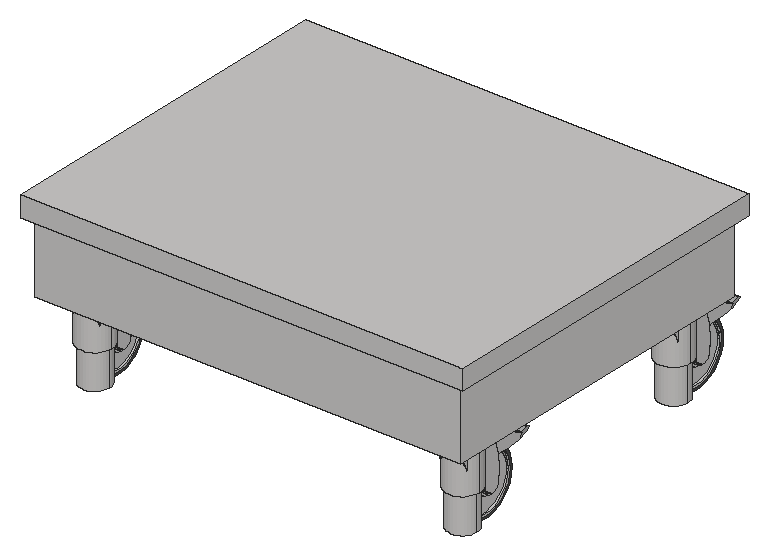
Revit family "QF_BOURGEAT_Self_base_presentoir_simple_h340", category Equipement spécialisé, Revit 2015
Parameters
  roues = yes
  pieds = yes
  URL catalogue = "http://www.bourgeat.fr"
  URL = ""
  Type article = ""
  Spécification du Fabricant = "OASIS"
  Profondeur hors tout = 690 mm
  Modèle = "854083"
  Longueur hors tout = 855 mm
  Hauteur hors tout = 340 mm
  Fabricant = "BOURGEAT"
  Contact SAV = "0033(0)4.76.32.14.44"
Reference planes
  plane 1 "Centre (avant/arrière)": y = 0
  plane 2: z = 0
  plane 3 "Centre (gauche/droite)": x = 0
  plane 4: y = 345
  plane 5: y = -345
  plane 6: x = 427.5
  plane 7: x = -427.5
  plane 8: x = -411.5
  plane 9: y = -329
  plane 10: x = 411.5
  plane 11: y = 329
  plane 12: z = 160
  plane 13: z = 299
  plane 14: z = 338
  plane 15: x = -355.2
  plane 16: x = 355.2
  plane 17: y = 255
  plane 18: y = -255
Forms (mm)
  Extrusion 1, solid, material "Acier inoxydable, brossé"
    sketch origin (0, 0, 0) x (1, 0, 0) y (0, 1, 0)
      loop
        line (-427.5, 345) -> (-427.5, -345) -> (427.5, -345) -> (427.5, 345) -> (-427.5, 345)
    from 299 to 338
  Extrusion 2, solid, material "Acier inoxydable, brossé"
    sketch origin (0, 0, 0) x (1, 0, 0) y (0, 1, 0)
      loop
        line (-411.5, 329) -> (-411.5, -329) -> (411.5, -329) -> (411.5, 329) -> (-411.5, 329)
    from 160 to 299
Dimensions and locks
  locked: plane 14 to plane 13 at 39
  plane 13 to plane 12 = 139 mm
  aligned and locked: level to plane 2
  aligned and locked: Extrusion 1 sketch curve to plane 4
  aligned and locked: Extrusion 1 sketch curve to plane 7
  aligned and locked: Extrusion 1 sketch curve to plane 5
  aligned and locked: Extrusion 1 sketch curve to plane 6
  aligned and locked: plane 14 to Extrusion 1
  aligned and locked: Extrusion 1 to plane 13
  aligned and locked: Extrusion 2 sketch curve to plane 11
  aligned and locked: plane 8 to Extrusion 2 sketch curve
  aligned and locked: plane 9 to Extrusion 2 sketch curve
  aligned and locked: Extrusion 2 sketch curve to plane 10
  aligned and locked: Extrusion 2 to Extrusion 1
  aligned and locked: Extrusion 2 to plane 12
  aligned and locked: nested 5 to plane 17
  aligned and locked: nested 6 to plane 18
  aligned and locked: nested 7 to plane 18
  aligned and locked: nested 8 to plane 17
  aligned and locked: nested 8 to plane 16
  aligned and locked: nested 7 to plane 16
  aligned and locked: plane 15 to nested 6
  aligned and locked: plane 15 to nested 5
Nested families
  nested 1: "pied" at (-355.2, 255, 0), visible <- "pieds", type "pied"
  nested 2: "pied" at (355.2, 255, 0), visible <- "pieds", type "pied"
  nested 3: "pied" at (355.2, -255, 0), visible <- "pieds", type "pied"
  nested 4: "pied" at (-355.2, -255, 0), visible <- "pieds", type "pied"
  nested 5: "roue_ht160" at (-355.2, 255, 0), type "roue_ht160"
    with Sans frein yes, Avec frein yes
  nested 6: "roue_ht160" at (-355.2, -255, 0), type "roue_ht160"
    with Sans frein yes, Avec frein yes
  nested 7: "roue_ht160" at (355.2, -255, 0), type "roue_ht160"
    with Sans frein yes, Avec frein yes
  nested 8: "roue_ht160" at (355.2, 255, 0), type "roue_ht160"
    with Sans frein yes, Avec frein yes
Definition of nested family "pied"
  Reference planes
    plane 1 "Centre (avant/arrière)": y = 0
    plane 2: z = 0
    plane 3 "Centre (gauche/droite)": x = 0
  Forms (mm)
    Revolve 1, solid
      sketch origin (0, 0, 0) x (1, 0, 0) y (0, 0, 1)
        loop
          line (0, 160) -> (-33, 160) -> (-33, 70) -> (-28, 70) -> (-28, 0) -> (0, 0) -> (0, 160)
        axis (0, 160) -> (0, 0)
      angle from 0 to 360
  Dimensions and locks
    plane 3 "Centre (gauche/droite)" to Revolve 1 sketch curve = 28 mm
    Revolve 1 sketch curve to plane 3 "Centre (gauche/droite)" = 33 mm
    Revolve 1 sketch curve to plane 2 = 70 mm
    Revolve 1 sketch curve to Revolve 1 sketch curve = 90 mm
    aligned and locked: level to plane 2
Definition of nested family "roue_ht160"
  Parameters (values of type "roue_ht160")
    Sans frein [instance] = yes
    Avec frein [instance] = yes
  Reference planes
    plane 1 "Centre (avant/arrière)": y = 0
    plane 2: z = 0
    plane 3 "Centre (gauche/droite)": x = 0
    plane 4: y = 40.851
    plane 5: z = 62.5
  Forms (mm)
    Extrusion 1, solid
      sketch origin (0, 0, 0) x (0, 1, 0) y (0, 0, 1)
        loop
          circle (40.851, 62.5) r 62.5
        loop
          circle (40.851, 62.5) r 57.5
      from -12.5 to 12.5
    Revolve 2, solid
      sketch origin (0, 0, 0) x (0, 1, 0) y (0, 0, 1)
        loop
          line (0, 160.21) -> (-20.149, 160.21) -> (-20.149, 159.41) -> (-21.6, 159.41)
          arc (-21.6, 159.41) -> (-24.448, 158.65) -> (-26.537, 156.572) r 5.712
          line (-26.537, 156.572) -> (-30.146, 147.743) -> (-26.999, 147.062) -> (-26.999, 146.112)
          arc (-26.999, 146.112) -> (-27.23, 145.314) -> (-27.849, 144.761) r 1.5
          arc (-27.849, 144.761) -> (-29.223, 143.633) -> (-29.923, 142) r 3.75
          line (-29.923, 142) -> (0, 142) -> (0, 160.21)
        axis (0, 160.21) -> (0, 142)
      angle from 0 to 360
    Extrusion 3, solid
      sketch origin (0, 0, 0) x (0, 1, 0) y (0, 0, -1)
        loop
          line (-29.974, -138.241) -> (-29.974, -142) -> (21.747, -142) -> (21.747, -60.336)
          arc (21.747, -60.336) -> (10.272, -70.702) -> (-0.149, -82.127) r 160.057
          arc (-0.149, -82.127) -> (-17.883, -108.684) -> (-29.974, -138.241) r 159.585
      from -24.913 to -23.038
    Extrusion 4, solid
      sketch origin (0, 0, 0) x (0, 1, 0) y (0, 0, 1)
        loop
          line (-29.974, 142) -> (-29.974, 140.869) -> (21.747, 140.869) -> (21.747, 142) -> (-29.974, 142)
      from -23.038 to 23.038
    Extrusion 5, solid
      sketch origin (0, 0, 0) x (0, 1, 0) y (0, 0, 1)
        loop
          circle (40.851, 62.5) r 57.5
        loop
          circle (40.851, 62.5) r 55
      from -12.5 to 12.5
    Extrusion 6, solid
      sketch origin (0, 0, 0) x (0, 1, 0) y (0, 0, 1)
        loop
          circle (40.851, 62.5) r 55
      from -7 to 7
    Extrusion 7, solid
      sketch origin (0, 0, 0) x (0, 1, 0) y (0, 0, 1)
        loop
          circle (40.851, 62.5) r 21
      from 7 to 15
    Extrusion 8, solid
      sketch origin (0, 0, 0) x (0, 1, 0) y (0, 0, -1)
        loop
          circle (40.851, -62.5) r 16
      from -23.038 to -15
    Extrusion 9, solid, visible <- "Sans frein"
      sketch origin (0, 0, 0) x (0, 1, 0) y (0, 0, 1)
        loop
          arc (21.747, 60.336) -> (23.188, 59.17) -> (24.642, 58.02) r 161.23
          arc (24.642, 58.02) -> (29.34, 54.513) -> (34.187, 51.216) r 133.333
          arc (34.187, 51.216) -> (46.517, 50.3) -> (53.927, 60.198) r 12.867
          arc (53.927, 60.198) -> (54.714, 99.183) -> (46.119, 137.216) r 161.222
          arc (46.119, 137.216) -> (45.679, 138.887) -> (45.531, 140.609) r 10.076
          line (45.531, 140.609) -> (45.531, 142) -> (21.747, 142) -> (21.747, 60.336)
      from 23.038 to 24.913
    Extrusion 10, solid, visible <- "Sans frein"
      sketch origin (0, 0, 0) x (0, 1, 0) y (0, 0, 1)
        loop
          line (21.747, 142) -> (21.747, 140.701) -> (48.851, 140.701) -> (48.851, 142) -> (21.747, 142)
      from -23.038 to 23.038
    Extrusion 11, solid, visible <- "Avec frein"
      sketch origin (0, 0, 0) x (0, 1, 0) y (0, 0, 1)
        loop
          line (21.747, 142) -> (21.747, 60.336)
          arc (21.747, 60.336) -> (23.177, 59.179) -> (24.62, 58.038) r 160.008
          arc (24.62, 58.038) -> (29.041, 54.705) -> (33.574, 51.527) r 160
          arc (33.574, 51.527) -> (46.135, 50.422) -> (53.724, 60.491) r 13
          arc (53.724, 60.491) -> (55.279, 82.092) -> (53.902, 103.704) r 160
          arc (53.902, 103.704) -> (55.53, 108.653) -> (60.415, 110.463) r 6
          arc (60.415, 110.463) -> (80.625, 109.924) -> (100.725, 112.107) r 150
          arc (100.725, 112.107) -> (104.408, 113.406) -> (107.479, 115.819) r 12
          line (107.479, 115.819) -> (110.851, 121.523)
          arc (110.851, 121.523) -> (85.913, 134.651) -> (58.706, 142) r 127.902
          line (58.706, 142) -> (21.747, 142)
      from 23.038 to 24.913
    Extrusion 12, solid, visible <- "Avec frein"
      sketch origin (0, 0, 0) x (0, 1, 0) y (0, 0, 1)
        loop
          line (58.706, 142) -> (21.747, 142) -> (21.747, 140) -> (58.552, 140)
          arc (58.552, 140) -> (85.253, 132.762) -> (109.73, 119.866) r 125.902
          line (109.73, 119.866) -> (110.851, 121.523)
          arc (110.851, 121.523) -> (85.913, 134.651) -> (58.706, 142) r 127.902
      from -23.038 to 23.038
    Extrusion 13, solid, visible <- "Avec frein"
      sketch origin (0, 19.896, 18.175) x (0, 1, 0) y (0, 0, 1)
        loop
          line (87.583, 97.644) -> (91.829, 95.227)
          arc (91.829, 95.227) -> (93.8, 95.006) -> (95.312, 96.29) r 2.5
          arc (95.312, 96.29) -> (103.495, 100.002) -> (111.176, 104.666) r 74.999
          line (111.176, 104.666) -> (110.852, 105.929)
          arc (110.852, 105.929) -> (110.04, 107.086) -> (108.666, 107.417) r 2
          arc (108.666, 107.417) -> (101.396, 105.849) -> (94.512, 103.034) r 42.354
          line (94.512, 103.034) -> (93.479, 101.228) -> (93.285, 100.414) -> (91.69, 101.675) -> (90.401, 102.412) -> (87.583, 97.644)
      from -23.038 to 23.038
    Extrusion 14, solid, not visible
      sketch origin (0, 0, 0) x (0, 1, 0) y (0, 0, -1)
        loop
          line (-29.974, -138.241) -> (-29.974, -142) -> (21.747, -142) -> (21.747, -60.336)
          arc (21.747, -60.336) -> (10.272, -70.702) -> (-0.149, -82.127) r 160.057
          arc (-0.149, -82.127) -> (-17.883, -108.684) -> (-29.974, -138.241) r 159.585
      from -24.913 to -23.038
    Extrusion 15, solid, not visible
      sketch origin (0, 0, 0) x (0, 1, 0) y (0, 0, 1)
        loop
          circle (40.851, 62.5) r 21
      from 7 to 15
    Extrusion 16, solid, not visible
      sketch origin (0, 0, 0) x (0, 1, 0) y (0, 0, -1)
        loop
          circle (40.851, -62.5) r 16
      from -23.038 to -15
    Extrusion 17, solid, visible <- "Sans frein", not visible
      sketch origin (0, 0, 0) x (0, 1, 0) y (0, 0, 1)
        loop
          arc (21.747, 60.336) -> (23.188, 59.17) -> (24.642, 58.02) r 161.23
          arc (24.642, 58.02) -> (29.34, 54.513) -> (34.187, 51.216) r 133.333
          arc (34.187, 51.216) -> (46.517, 50.3) -> (53.927, 60.198) r 12.867
          arc (53.927, 60.198) -> (54.714, 99.183) -> (46.119, 137.216) r 161.222
          arc (46.119, 137.216) -> (45.679, 138.887) -> (45.531, 140.609) r 10.076
          line (45.531, 140.609) -> (45.531, 142) -> (21.747, 142) -> (21.747, 60.336)
      from 23.038 to 24.913
    Extrusion 18, solid, visible <- "Avec frein", not visible
      sketch origin (0, 0, 0) x (0, 1, 0) y (0, 0, 1)
        loop
          line (21.747, 142) -> (21.747, 60.336)
          arc (21.747, 60.336) -> (23.177, 59.179) -> (24.62, 58.038) r 160.008
          arc (24.62, 58.038) -> (29.041, 54.705) -> (33.574, 51.527) r 160
          arc (33.574, 51.527) -> (46.135, 50.422) -> (53.724, 60.491) r 13
          arc (53.724, 60.491) -> (55.279, 82.092) -> (53.902, 103.704) r 160
          arc (53.902, 103.704) -> (55.53, 108.653) -> (60.415, 110.463) r 6
          arc (60.415, 110.463) -> (80.625, 109.924) -> (100.725, 112.107) r 150
          arc (100.725, 112.107) -> (104.408, 113.406) -> (107.479, 115.819) r 12
          line (107.479, 115.819) -> (110.851, 121.523)
          arc (110.851, 121.523) -> (85.913, 134.651) -> (58.706, 142) r 127.902
          line (58.706, 142) -> (21.747, 142)
      from 23.038 to 24.913
    Extrusion 19, solid
      sketch origin (0, 0, 0) x (0, -1, 0) y (0, 0, -1)
        loop
          arc (29.974, -138.241) -> (17.883, -108.684) -> (0.149, -82.127) r 159.585
          arc (0.149, -82.127) -> (-10.272, -70.702) -> (-21.747, -60.336) r 160.057
          line (-21.747, -60.336) -> (-21.747, -142) -> (29.974, -142) -> (29.974, -138.241)
      from -24.913 to -23.038
    Extrusion 20, solid
      sketch origin (0, 0, 0) x (0, -1, 0) y (0, 0, 1)
        loop
          circle (-40.851, 62.5) r 21
      from 7 to 15
    Extrusion 21, solid
      sketch origin (0, 0, 0) x (0, -1, 0) y (0, 0, -1)
        loop
          circle (-40.851, -62.5) r 16
      from -23.038 to -15
    Extrusion 22, solid, visible <- "Sans frein"
      sketch origin (0, 0, 0) x (0, -1, 0) y (0, 0, 1)
        loop
          line (-21.747, 60.336) -> (-21.747, 142) -> (-45.531, 142) -> (-45.531, 140.609)
          arc (-45.531, 140.609) -> (-45.679, 138.887) -> (-46.119, 137.216) r 10.076
          arc (-46.119, 137.216) -> (-54.714, 99.183) -> (-53.927, 60.198) r 161.222
          arc (-53.927, 60.198) -> (-46.517, 50.3) -> (-34.187, 51.216) r 12.867
          arc (-34.187, 51.216) -> (-29.34, 54.513) -> (-24.642, 58.02) r 133.333
          arc (-24.642, 58.02) -> (-23.188, 59.17) -> (-21.747, 60.336) r 161.23
      from 23.038 to 24.913
    Extrusion 23, solid, visible <- "Avec frein"
      sketch origin (0, 0, 0) x (0, -1, 0) y (0, 0, 1)
        loop
          line (-21.747, 142) -> (-58.706, 142)
          arc (-58.706, 142) -> (-85.913, 134.651) -> (-110.851, 121.523) r 127.902
          line (-110.851, 121.523) -> (-107.479, 115.819)
          arc (-107.479, 115.819) -> (-104.408, 113.406) -> (-100.725, 112.107) r 12
          arc (-100.725, 112.107) -> (-80.625, 109.924) -> (-60.415, 110.463) r 150
          arc (-60.415, 110.463) -> (-55.53, 108.653) -> (-53.902, 103.704) r 6
          arc (-53.902, 103.704) -> (-55.279, 82.092) -> (-53.724, 60.491) r 160
          arc (-53.724, 60.491) -> (-46.135, 50.422) -> (-33.574, 51.527) r 13
          arc (-33.574, 51.527) -> (-29.041, 54.705) -> (-24.62, 58.038) r 160
          arc (-24.62, 58.038) -> (-23.177, 59.179) -> (-21.747, 60.336) r 160.008
          line (-21.747, 60.336) -> (-21.747, 142)
      from 23.038 to 24.913
  Dimensions and locks
    aligned and locked: level to plane 2
